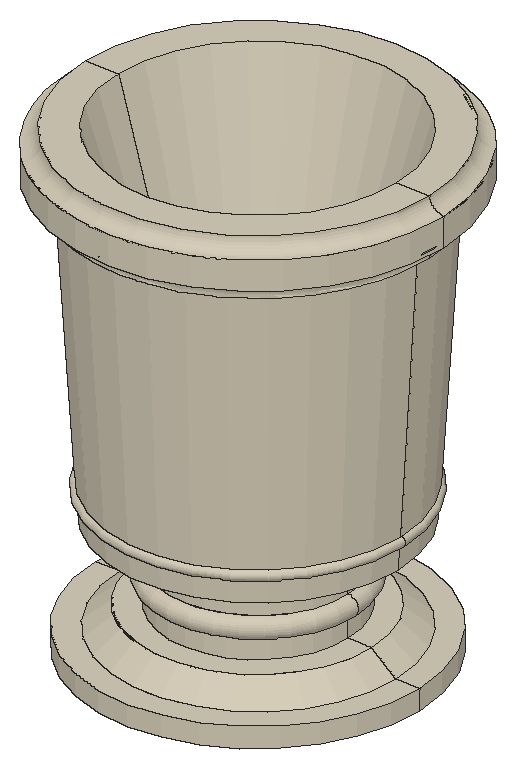
Revit family "Specialty_Equipment-Fiberglass_Planter-Planters_Unlimited-Imperial Urn GFRC", category Specialty Equipment, Revit 2023
Family settings
  Round Connector Dimension = Use Diameter
  Part Type = Normal
  OmniClass Number = 23.40.05.21.17
  OmniClass Title = Planters
  Work Plane-Based = No
  Enable Cutting in Views = No
  Always vertical = Yes
  Cut with Voids When Loaded = No
  Maintain Annotation Orientation = No
  Shared = No
  Room Calculation Point = No
Parameters (values of type "30"Dia x 36"H")
  URL = "https://www.plantersunlimited.com"
  Type Comments = "Imperial Planter"  # constant formula
  Model = "Imperial Series Planter"  # constant formula
  Manufacturer = "Planters Unlimited"  # constant formula
  Description = "Imperial Urn Planter"  # constant formula
  Default Elevation = 0.0"
  CD_Specification = "https://www.plantersunlimited.com/content/Planters/C19-IMP-R.pdf"
  CD_Product Page URL = "https://www.plantersunlimited.com/imperial-urn-gfrc-planter/"
  CD_Product Name [instance] = "Imperial Urn Planter"  # constant formula
  CD_Microsite = "https://www.caddetails.com/3404"
  CD_Height = 50.0"
  CD_Finish = Concrete-Fiberstone-Carlsbad-Chenza
  CD_Diameter = 40.0"
  CD_Created By = "CADdetails LTD. 2025"  # constant formula
  Assembly Code = "G2050600"
Reference planes (in)
  plane 1 "Center (Front/Back)": y = 0
  plane 2: z = 0
  plane 3 "Center (Left/Right)": x = 0
  plane 4 "Back": y = 20
  plane 5 "Front": y = -20
  plane 6 "Top": z = 50
  plane 7 "Bottom": z = 0
  plane 8 "Left": x = -20
  plane 9 "Right": x = 20
  plane 10 "Dip": z = 47
Forms (in)
  Revolve 1, solid, material "Concrete-Fiberstone-Carlsbad-Chenza" <- "CD_Finish", detail levels medium+fine
    sketch origin (0, 0, 0) x (1, 0, 0) y (0, 0, 1)
      loop
        line (0, 50) -> (0, 0) -> (17.433, 0) -> (17.433, 2.1272) -> (14.86601, 2.1272) -> (12.29901, 4.2544) -> (9.73201, 4.2544) -> (9.73201, 6.38161)
        arc (9.73201, 6.38161) -> (10.79561, 7.44521) -> (9.73201, 8.50881) r 1.0636
        line (9.73201, 8.50881) -> (9.73201, 10.63601) -> (15.16141, 12.76321) -> (15.30914, 15.0348)
        arc (15.30914, 15.0348) -> (15.84053, 15.5013) -> (15.37403, 16.0327) r 0.5
        line (15.37403, 16.0327) -> (17.19276, 44) -> (20, 44) -> (20, 50) -> (0, 50)
      axis (0, 0) -> (0, 50)
    angle from 0 to 360
  Revolve 2, void
    sketch origin (0, 0, 0) x (1, 0, 0) y (0, 0, 1)
      loop
        line (0, 50) -> (0, 10.63601) -> (3.48618, 10.63601) -> (15, 50) -> (0, 50)
      axis (0, 10.63601) -> (0, 50)
    angle from 0 to 360
  Revolve 3, solid, material "Concrete-Fiberstone-Carlsbad-Chenza" <- "CD_Finish", detail levels coarse
    sketch origin (0, 0, 0) x (1, 0, 0) y (0, 0, 1)
      loop
        line (0, 50) -> (0, 0) -> (17.433, 0) -> (17.433, 2.1272) -> (14.86601, 2.1272) -> (12.29901, 4.2544) -> (9.73201, 4.2544) -> (9.73201, 7.13995) -> (9.73201, 10.63601) -> (14.25099, 12.76321) -> (14.35348, 14.33937) -> (16.28233, 44) -> (20, 44) -> (20, 50) -> (0, 50)
      axis (0, 0) -> (0, 50)
    angle from 0 to 360
  Revolve 4, void
    sketch origin (0, 0, 0) x (1, 0, 0) y (0, 0, 1)
      loop
        circle (20, 50) r 1.5
      loop
        circle (20, 44) r 1.5
      axis (0, 44) -> (0, 50)
    angle from 0 to 360
Cuts and joins
  Revolve 2, Revolve 4 cuts Revolve 1
  Revolve 4 cuts Revolve 3
Dimensions and locks (in)
  plane 5 "Front" to plane 4 "Back" = 40.0"
  plane 5 "Front" to plane 1 "Center (Front/Back)" to plane 4 "Back" = 20.0", 20.0"
  "CD_Diameter": plane 4 "Back" to plane 5 "Front"
  equal spacing: plane 4 "Back", plane 1 "Center (Front/Back)", plane 5 "Front"
  plane 6 "Top" to level = 50.0"  (x2)
  "CD_Height": plane 6 "Top" to level
  "CD_Diameter": plane 9 "Right" to plane 8 "Left"
  equal spacing: plane 9 "Right", plane 3 "Center (Left/Right)", plane 8 "Left"
  equal spacing: Revolve 1 sketch curve, Revolve 1 sketch curve, Revolve 1 sketch curve, Revolve 1 sketch curve, Revolve 1 sketch curve, Revolve 1 sketch curve, level, locked at 2.1272 each
  equal spacing: plane 9 "Right", Revolve 1 sketch curve, Revolve 1 sketch curve, Revolve 1 sketch curve, Revolve 1 sketch curve
  locked: plane 6 "Top" to plane 10 "Dip" at 3
  Revolve 1 sketch curve to Revolve 1 sketch curve to Revolve 1 sketch curve to Revolve 1 sketch curve to level = 0.49895" locked, 0.49895" locked, 2.27159" locked, 12.76321" locked
  locked: plane 9 "Right" to Revolve 2 sketch curve at 5
  locked: Revolve 2 sketch curve to level at 10.63601
  locked: Revolve 2 sketch curve to plane 3 "Center (Left/Right)" at 3.48618
  locked: plane 9 "Right" to Revolve 1 sketch curve at 10.26799
  Revolve 3 sketch curve to Revolve 3 sketch curve to Revolve 3 sketch curve to Revolve 3 sketch curve = 2.1272" locked, 6.38161" locked, 2.1272" locked
  plane 9 "Right" to Revolve 3 sketch curve to Revolve 3 sketch curve to Revolve 3 sketch curve to Revolve 3 sketch curve = 2.567" locked, 2.567" locked, 2.567" locked, 2.567" locked
  locked: plane 10 "Dip" to Revolve 3 sketch curve at 3
  locked: plane 10 "Dip" to Revolve 1 sketch curve at 3
  locked: plane 6 "Top" to Revolve 4 sketch curve at 6
  locked: plane 9 "Right" to Revolve 3 sketch curve at 3.71767
  diameter of Revolve 4 sketch curve = 3.0"  (x2)
  aligned and locked: plane 2 to level
  aligned and locked: level to plane 7 "Bottom"
  aligned and locked: Revolve 1 sketch curve to Revolve 1 sketch curve  (x3)
  aligned and locked: Revolve 1 sketch curve to plane 3 "Center (Left/Right)"
  aligned and locked: Revolve 1 sketch curve to level
  aligned and locked: plane 9 "Right" to Revolve 1 sketch curve
  aligned and locked: Revolve 2 sketch curve to plane 6 "Top"
  aligned and locked: plane 3 "Center (Left/Right)" to Revolve 2 sketch curve  (x2)
  aligned and locked: Revolve 3 sketch curve to Revolve 3 sketch curve  (x2)
  aligned and locked: Revolve 3 sketch curve to plane 6 "Top"
  aligned and locked: plane 9 "Right" to Revolve 3 sketch curve  (x2)
  aligned and locked: Revolve 3 sketch curve to plane 3 "Center (Left/Right)"
  aligned and locked: level to Revolve 3 sketch curve
  aligned and locked: Revolve 1 sketch curve to plane 6 "Top"
  aligned and locked: plane 3 "Center (Left/Right)" to Revolve 4 sketch curve
  aligned and locked: plane 6 "Top" to Revolve 4 sketch curve
  aligned and locked: plane 9 "Right" to Revolve 4 sketch curve  (x2)
Automatic sketch dimensions
  Revolve 2 sketch curve to Revolve 2 sketch curve = 14.0"
  Revolve 2 sketch curve to Revolve 2 sketch curve = 6.0"
  Revolve 1 sketch curve to plane 3 "Center (Left/Right)" = 0.0"
  Revolve 1 sketch curve to plane 9 "Right" = 4.83859"
  Revolve 1 sketch curve to Revolve 1 sketch curve = 0.14772"
  Revolve 1 sketch curve to Revolve 1 sketch curve = 35.0"
  Revolve 1 sketch curve to Revolve 1 sketch curve = 12.0"
  plane 6 "Top" to Revolve 4 sketch curve = 2.0"
  Revolve 4 sketch curve to Revolve 4 sketch curve = 2.0"
  Revolve 3 sketch curve to plane 3 "Center (Left/Right)" = 0.0"
  Revolve 3 sketch curve to Revolve 3 sketch curve = 0.1025"
  level to Revolve 3 sketch curve = 2.1272"
  Revolve 3 sketch curve to Revolve 3 sketch curve = 2.88555"
  Revolve 3 sketch curve to Revolve 3 sketch curve = 35.0"
  Revolve 3 sketch curve to Revolve 3 sketch curve = 12.0"
  Revolve 3 sketch curve to Revolve 3 sketch curve = 1.57615"
